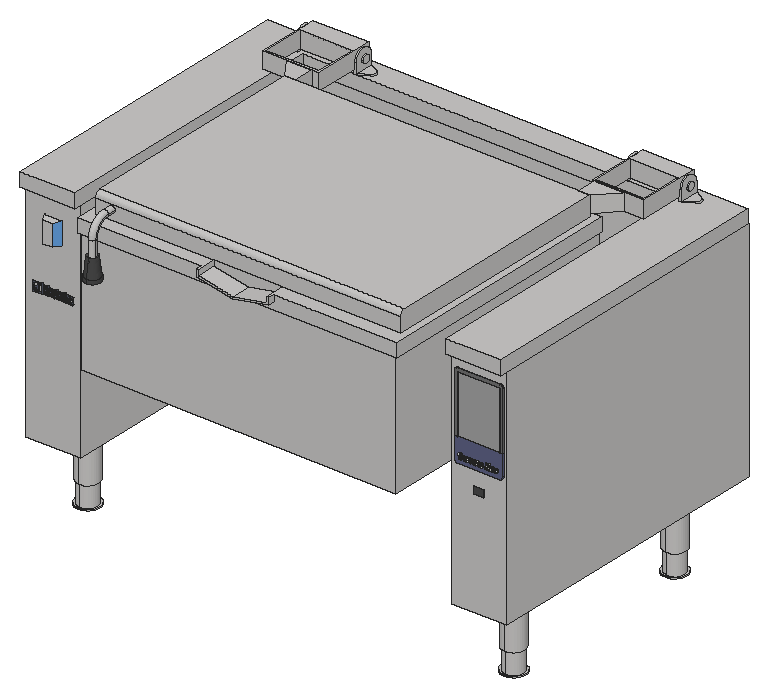
Revit family "QF_ELECTROLUXPROFESSIONAL_587128_PFET08ECIO", category Attrezzature speciali, Revit 2020
Family settings
  Quota connettore circolare = Usa diametro
  Tipo di parte = Normale
  Basato su piano di lavoro = No
  Sempre verticale = Sì
  Taglio con vuoti quando caricato = No
  Condiviso = No
  Punto di calcolo locali = No
Parameters (values of type "Standard")
  Weight = 240.00 kg
  Watts = 20600 W
  Volts = 440 V
  URL Manufacturer = "https://www.electroluxprofessional.com/"
  URL = "https://www.electroluxprofessional.com/"
  Steam Supply Size = 0 mm
  Steam Supply Minimum Pressure = 0.0 Pa
  Steam Supply Maximum Pressure = 0.0 Pa
  Steam Consumption per Hour = 0
  Refrigeration Suction Line Size = 0.0 mm
  Refrigeration Liquid Line Size = 0.0 mm
  Refrigerant Compressor Remote = yes
  Prospetto di default = 0.0 mm
  Produttore = "Electrolux Professional"
  Phase = 3
  Modello = "PFET08ECIO"
  Length Actual = 1400.0 mm  # constant formula
  Item Number = "587128"
  Hot Water Size = 12.7 mm
  Height Actual = 700.0 mm  # constant formula
  HP = "27.6 HP"
  Gas Size = 0 mm
  Gas KW = 0
  Gas Input Pressure = 0 W
  Direct Waste Size = 0 mm
  Descrizione = "ELECTRIC TILTING BRAISING PAN, 80LT,440V,FS,MARINE"
  Depth Actual = 900.0 mm  # constant formula
  Cycle = 50 Hz
  Condensate Return Size = 0 mm
  Compressed Air Volume = 0.0 L/s
  Compressed Air Size = 0 mm
  Compressed Air Pressure = 0.0 Pa
  Cold Water Size = 12.7 mm
  Accessory = yes
Reference planes
  plane 1 "Center (Front/Back)": y = 0
  plane 2: z = 0
  plane 3 "Center (Left/Right)": x = 0
  plane 4 "LEFT": x = -700
  plane 5 "RIGHT": x = 700
  plane 6 "BACK": y = 450
  plane 7 "FRONT": y = -450
  plane 8 "Base": z = 200
  plane 9 "TOP": z = 900
  plane 10: x = -540
  plane 11: x = 540
  plane 12 "Axe_PentolaY": y = -230
  plane 13 "AxePentolaZ": z = 730
  plane 14 "PLANE_TOP": z = 860
  plane 15: y = 380
  plane 16: z = 833
  plane 17: z = 502
  plane 18: z = 340
  plane 19: y = -552
  plane 20 "CentroPentolaY": y = -158
  plane 21 "TopCoperchio": z = 958
  plane 22 "Versamento": z = 910
  plane 23 "V1": through (-107.18, -558, 4000) normal (-0.7071, -0.7071, 0)
  plane 24 "V2": through (107.18, -558, 4000) normal (-0.7071, 0.7071, 0)
  plane 25 "Gfront": y = -1300
  plane 26 "LEVEL": through (-245.562, -289.383, 4000) normal (0.866, 0.5, 0)
  plane 27 "GRight": x = 250
  plane 28 "GLeft": x = -250
  plane 29 "Gback": y = -100
  plane 30: z = 1867
  plane 31 "Ribaltamento": y = -572
  plane 32 "AxeL": x = -620
  plane 33 "AxeR": x = 620
  plane 34 "Pentola_Back": y = 208
  plane 35 "Pentola_L": x = -457.5
  plane 36 "Pentola_R": x = 457.5
  plane 37: x = -397.5
  plane 38 "axeC1": x = -480
  plane 39 "axeC2": x = 480
Forms (mm)
  Revolve 1, solid, material "QF_Finishes_Stainless Steel"
    sketch origin (0, 0, 730) x (-1, 0, 0) y (0, -1, 0)
      loop
        line (540, 230) -> (-540, 230) -> (-540, 140) -> (-530, 140) -> (-530, 173) -> (530, 173) -> (530, 140) -> (540, 140) -> (540, 230)
      axis (540, 230) -> (-540, 230)
    angle from 0 to 360
  Extrusion 2, solid, material "QF_Finishes_Stainless Steel"
    sketch origin (0, 0, 860) x (-1, 0, 0) y (0, -1, 0)
      loop
        line (700, 450) -> (540, 450) -> (540, -380) -> (-540, -380) -> (-540, 450) -> (-700, 450) -> (-700, -450) -> (700, -450) -> (700, 450)
    from 0 to 40
  Extrusion 3, solid, material "QF_Finishes_Stainless Steel"
    sketch origin (0, 0, 860) x (-1, 0, 0) y (0, -1, 0)
      loop
        line (540, -380) -> (-540, -380) -> (-540, -450) -> (540, -450) -> (540, -380)
    from 0 to -360
  Extrusion 4, solid, material "QF_Finishes_Stainless Steel"
    sketch origin (-480, 0, 0) x (0, 1, 0) y (0, 0, 1)
      loop
        line (433.242, 900) -> (433.242, 931.379)
        arc (433.242, 931.379) -> (406.621, 958) -> (380, 931.379) r 26.621
        line (380, 931.379) -> (380, 900) -> (433.242, 900)
    from 88 to 95
  Extrusion 5, solid, material "QF_Finishes_Stainless Steel"
    sketch origin (-380, 0, 900) x (0, 1, 0) y (-1, 0, 0)
      loop
        line (380, 5) -> (395.936, -24.185)
        arc (395.936, -24.185) -> (406.621, -30.525) -> (417.305, -24.185) r 12.174
        line (417.305, -24.185) -> (433.242, 5) -> (380, 5)
      loop
        line (395.936, 211.185) -> (380, 182) -> (433.242, 182) -> (417.305, 211.185)
        arc (417.305, 211.185) -> (406.621, 217.525) -> (395.936, 211.185) r 12.174
    from 0 to 3
  Extrusion 6, solid, material "QF_Finishes_Stainless Steel"
    sketch origin (0, 0, 0) x (0, 1, 0) y (0, 0, 1)
      loop
        line (208, 860) -> (-529, 860) -> (-529, 502) -> (208, 502) -> (208, 860)
    from -457.5 to 457.5
  Extrusion 7, solid, material "QF_Finishes_Stainless Steel"
    sketch origin (0, 0, 0) x (0, 1, 0) y (0, 0, 1)
      loop
        line (214, 860) -> (214, 900) -> (-535, 900) -> (-535, 860) -> (214, 860)
    from -463.5 to 463.5
  Extrusion 8, void
    sketch origin (0, -450, 0) x (-1, 0, 0) y (0, 0, 1)
      loop
        line (100, 900) -> (-100, 900) -> (-100, 884.138) -> (0, 865.09) -> (100, 884.138) -> (100, 900)
    from -85 to -45
  Extrusion 9, solid, material "QF_Finishes_Stainless Steel"
    sketch origin (0, 0, 0) x (0, 1, 0) y (0, 0, 1)
      loop
        line (194, 958) -> (-480, 958)
        arc (-480, 958) -> (-490.607, 953.607) -> (-495, 943) r 15
        line (-495, 943) -> (-495, 900) -> (194, 900) -> (194, 958)
    from -443.5 to 443.5
  Extrusion 10, solid, material "QF_Finishes_Stainless Steel"
    sketch origin (0, -450, 0) x (-1, 0, 0) y (0, 0, 1)
      loop
        line (105, 880) -> (105, 900) -> (100, 900) -> (100, 884.138) -> (0, 865.09) -> (-100, 884.138) -> (-100, 900) -> (-105, 900) -> (-105, 880) -> (0, 860) -> (105, 880)
    from -102 to -79
  Extrusion 11, solid, material "QF_Finishes_Stainless Steel"
    sketch origin (-480, 0, 0) x (0, 1, 0) y (0, 0, 1)
      loop
        line (433.242, 900) -> (433.242, 931.379)
        arc (433.242, 931.379) -> (406.621, 958) -> (380, 931.379) r 26.621
        line (380, 931.379) -> (380, 900) -> (433.242, 900)
    from -82 to -75
  Extrusion 12, solid, material "QF_Finishes_Stainless Steel"
    sketch origin (0, 0, 900) x (0, 1, 0) y (-1, 0, 0)
      loop
        line (433.242, 392) -> (433.242, 555) -> (252, 555) -> (252, 392) -> (433.242, 392)
      loop
        line (257, 550) -> (257, 397) -> (380, 397) -> (380, 550) -> (257, 550)
    from 10 to 58
  Extrusion 13, solid, material "QF_Finishes_Stainless Steel"
    sketch origin (-480, 0, 0) x (0, 1, 0) y (0, 0, 1)
      loop
        circle (406.621, 931.379) r 10
    from 95 to 102.877
  Extrusion 14, solid, material "QF_Finishes_Stainless Steel"
    sketch origin (-480, 0, 0) x (0, 1, 0) y (0, 0, 1)
      loop
        circle (406.621, 931.379) r 10
    from -82 to -89
  Extrusion 15, solid, material "QF_Finishes_Stainless Steel"
    sketch origin (480, 0, 900) x (0, 1, 0) y (-1, 0, 0)
      loop
        arc (395.936, -111.185) -> (406.621, -117.525) -> (417.305, -111.185) r 12.174
        line (417.305, -111.185) -> (433.242, -82) -> (380, -82) -> (395.936, -111.185)
      loop
        line (395.936, 111.185) -> (380, 82) -> (433.242, 82) -> (417.305, 111.185)
        arc (417.305, 111.185) -> (406.621, 117.525) -> (395.936, 111.185) r 12.174
    from 0 to 3
  Extrusion 16, solid, material "QF_Finishes_Stainless Steel"
    sketch origin (480, 0, 0) x (0, 1, 0) y (0, 0, 1)
      loop
        circle (406.621, 931.379) r 10
    from 82 to 89
  Extrusion 17, solid, material "QF_Finishes_Stainless Steel"
    sketch origin (480, 0, 0) x (0, 1, 0) y (0, 0, 1)
      loop
        circle (406.621, 931.379) r 10
    from -82 to -89
  Extrusion 18, solid, material "QF_Finishes_Stainless Steel"
    sketch origin (0, 0, 900) x (0, 1, 0) y (-1, 0, 0)
      loop
        line (433.242, -405) -> (252, -405) -> (252, -555) -> (433.242, -555) -> (433.242, -405)
      loop
        line (257, -550) -> (380, -550) -> (380, -410) -> (257, -410) -> (257, -550)
    from 10 to 58
  Extrusion 19, solid, material "QF_Finishes_Stainless Steel"
    sketch origin (480, 0, 0) x (0, 1, 0) y (0, 0, 1)
      loop
        line (433.242, 900) -> (433.242, 931.379)
        arc (433.242, 931.379) -> (406.621, 958) -> (380, 931.379) r 26.621
        line (380, 931.379) -> (380, 900) -> (433.242, 900)
    from 75 to 82
  Extrusion 20, solid, material "QF_Finishes_Stainless Steel"
    sketch origin (480, 0, 0) x (0, 1, 0) y (0, 0, 1)
      loop
        line (433.242, 900) -> (433.242, 931.379)
        arc (433.242, 931.379) -> (406.621, 958) -> (380, 931.379) r 26.621
        line (380, 931.379) -> (380, 900) -> (433.242, 900)
    from -82 to -75
  Extrusion 21, solid, material "QF_Finishes_Stainless Steel"
    sketch origin (0, 0, 900) x (0, 1, 0) y (-1, 0, 0)
      loop
        line (252, 412.5) -> (252, 484.112) -> (194, 443.5) -> (194, 412.5) -> (252, 412.5)
      loop
        line (252, -412.5) -> (194, -412.5) -> (194, -443.5) -> (252, -497.112) -> (252, -412.5)
    from 10 to 58
  Extrusion 22, solid, material "QF_Door-Drawer Clearances", detail levels coarse
    sketch origin (0, 43.989, -0.088) x (0, 1, 0) y (0, 0, 1)
      loop
        arc (-592.39, 847.898) -> (-615.226, 709.247) -> (-572.989, 575.225) r 302.677
        line (-572.989, 575.225) -> (-572.989, 847.898) -> (-592.39, 847.898)
      loop
        line (376.001, 958) -> (148.958, 1805.334) -> (134.47, 1801.451) -> (130.784, 1815.206)
        arc (130.784, 1815.206) -> (105.783, 1852.623) -> (63.169, 1867.088) r 70
        arc (63.169, 1867.088) -> (-375.163, 1494.534) -> (-538.989, 943.088) r 1010.009
        arc (-538.989, 943.088) -> (-535.155, 953.104) -> (-525.613, 958) r 15
        line (-525.613, 958) -> (376.001, 958)
    from 105 to -105
Cuts and joins
  Extrusion 8 cuts Extrusion 7
  joined: Extrusion 7, Extrusion 10
Lines and regions (mm)
  symbolic lines
    curve 1: line (700, 450, 900) -> (-700, 450, 900)
    curve 2: line (700, -450, 900) -> (700, 450, 900)
    curve 3: line (-700, 450, 900) -> (-700, -450, 900)
    curve 4: line (-700, -450, 900) -> (-540, -450, 900)
    curve 5: line (-540, -450, 900) -> (-540, 252, 900)
    curve 6: line (540, -450, 900) -> (700, -450, 900)
    curve 7: line (530, -140, 900) -> (530, -320, 900)
    curve 8: line (-530, -140, 900) -> (-530, -320, 900)
    curve 9: line (-530, -140, 900) -> (-540, -140, 900)
    curve 10: line (-530, -320, 900) -> (-540, -320, 900)
    curve 11: line (530, -140, 900) -> (540, -140, 900)
    curve 12: line (530, -320, 900) -> (540, -320, 900)
    curve 18: line (562, 380, 900) -> (555, 380, 900)
    curve 19: line (-530, -172.761, 900) -> (-462.169, -172.761, 900)
    curve 20: line (-530, -286.868, 900) -> (-463.5, -286.868, 900)
    curve 21: line (530, -172.761, 900) -> (463.5, -172.761, 900)
    curve 22: line (530, -286.868, 900) -> (463.5, -286.868, 900)
    curve 45: line (-443.5, -495, 900) -> (443.5, -495, 900)
    curve 49: line (-555, 252, 900) -> (-392, 252, 900)
    curve 50: line (-484.112, 252, 900) -> (-443.5, 194, 900)
    curve 51: line (-397.5, 194, 900) -> (-397.5, 214, 900)
    curve 52: line (-392, 252, 900) -> (-392, 433.242, 900)
    curve 53: line (-397, 257, 900) -> (-550, 257, 900)
    curve 54: line (-555, 433.242, 900) -> (-555, 252, 900)
    curve 55: line (-550, 257, 900) -> (-550, 380, 900)
    curve 56: line (-397, 380, 900) -> (-397, 257, 900)
    curve 57: line (-385, 380, 900) -> (-385, 433.242, 900)
    curve 58: line (-385, 433.242, 900) -> (-562, 433.242, 900)
    curve 59: line (-569, 416.621, 900) -> (-569, 396.621, 900)
    curve 60: line (-591.185, 395.936, 900) -> (-562, 380, 900)
    curve 61: arc (-591.185, 417.305, 900) -> (-597.525, 406.621, 900) -> (-591.185, 395.936, 900) r 12.174
    curve 62: line (-562, 433.242, 900) -> (-591.185, 417.305, 900)
    curve 63: line (-562, 433.242, 900) -> (-562, 380, 900)
    curve 64: arc (591.185, 395.936, 900) -> (597.525, 406.621, 900) -> (591.185, 417.305, 900) r 12.174
    curve 65: line (562, 380, 900) -> (591.185, 395.936, 900)
    curve 66: line (591.185, 417.305, 900) -> (562, 433.242, 900)
    curve 67: line (562, 380, 900) -> (562, 433.242, 900)
    curve 68: line (569, 396.621, 900) -> (569, 416.621, 900)
    curve 69: line (555, 252, 900) -> (555, 380, 900)
    curve 70: line (550, 380, 900) -> (550, 257, 900)
    curve 71: line (410, 257, 900) -> (410, 380, 900)
    curve 72: line (405, 433.242, 900) -> (405, 380, 900)
    curve 73: line (550, 257, 900) -> (410, 257, 900)
    curve 74: line (555, 252, 900) -> (405, 252, 900)
    curve 75: line (368.815, 395.936, 900) -> (398, 380, 900)
    curve 76: line (398, 433.242, 900) -> (368.815, 417.305, 900)
    curve 77: arc (368.815, 417.305, 900) -> (362.475, 406.621, 900) -> (368.815, 395.936, 900) r 12.174
    curve 78: line (391, 416.621, 900) -> (391, 396.621, 900)
    curve 79: line (398, 433.242, 900) -> (398, 380, 900)
    curve 80: line (443.5, 194, 900) -> (497.112, 252, 900)
    curve 81: line (-412.5, 194, 900) -> (-412.5, 252, 900)
    curve 82: line (-457.504, 214, 900) -> (-463.5, 214, 900)
    curve 83: line (-569, 416.621, 900) -> (-562, 416.621, 900)
    curve 84: line (-569, 396.621, 900) -> (-562, 396.621, 900)
    curve 85: line (-377.123, 416.621, 900) -> (-385, 416.621, 900)
    curve 86: line (-377.123, 396.621, 900) -> (-385, 396.621, 900)
    curve 87: line (391, 396.621, 900) -> (398, 396.621, 900)
    curve 88: line (391, 416.621, 900) -> (398, 416.621, 900)
    curve 89: line (569, 416.621, 900) -> (562, 416.621, 900)
    curve 90: line (569, 396.621, 900) -> (562, 396.621, 900)
    curve 91: line (398, 433.242, 900) -> (562, 433.242, 900)
    curve 92: line (-550, 380, 900) -> (-397, 380, 900)
    curve 93: line (405, 380, 900) -> (405, 252, 900)
    curve 94: line (405, 380, 900) -> (-392, 380, 900)
    curve 95: line (550, 380, 900) -> (410, 380, 900)
    curve 96: line (555, 380, 900) -> (555, 433.242, 900)
    curve 97: line (540, 252, 900) -> (540, -450, 900)
    curve 98: line (-562, 380, 900) -> (-555, 380, 900)
    curve 99: line (-377.123, 416.621, 900) -> (-377.123, 396.621, 900)
    curve 100: line (-385, 380, 900) -> (-355.815, 395.936, 900)
    curve 101: arc (-355.815, 395.936, 900) -> (-349.475, 406.621, 900) -> (-355.815, 417.305, 900) r 12.174
    curve 102: line (-355.815, 417.305, 900) -> (-385, 433.242, 900)
    curve 103: line (412.5, 194, 900) -> (412.5, 252, 900)
    curve 104: line (412.5, 214, 900) -> (-412.5, 214, 900)
    curve 105: line (-463.5, 214, 900) -> (-463.5, -535, 900)
    curve 106: line (-463.5, -535, 900) -> (-406.5, -535, 900)
    curve 107: line (-388.5, -535, 900) -> (-105, -535, 900)
    curve 108: line (105, -535, 900) -> (463.5, -535, 900)
    curve 109: line (463.5, -535, 900) -> (463.5, 214, 900)
  symbolic lines, style "SpecialityEquipmentHiddenLines"
    curve 13: line (-250, -1300, 900) -> (250, -1300, 900)
    curve 14: line (-250, -100, 900) -> (-250, -1300, 900)
    curve 15: line (250, -100, 900) -> (-250, -100, 900)
    curve 16: line (250, -1300, 900) -> (250, -100, 900)
    curve 39: line (0, -1165.484, 900) -> (0, -1135.484, 900)
    curve 40: line (-15, -1150.484, 900) -> (15, -1150.484, 900)
  symbolic lines, style "SpecialityEquipment"
    curve 17: circle (0, -1150.484, 900) r 15 normal (0, 0, 1)
    curve 23: line (210, -1300, 900) -> (210, -1100, 900)
    curve 24: line (170, -1300, 900) -> (170, -1140, 900)
    curve 25: line (130, -1300, 900) -> (130, -1180, 900)
    curve 26: line (90, -1300, 900) -> (90, -1220, 900)
    curve 27: line (90, -1260, 900) -> (250, -1260, 900)
    curve 28: line (130, -1220, 900) -> (250, -1220, 900)
    curve 29: line (170, -1180, 900) -> (250, -1180, 900)
    curve 30: line (210, -1140, 900) -> (250, -1140, 900)
    curve 31: line (-210, -1300, 900) -> (-210, -1100, 900)
    curve 32: line (-170, -1300, 900) -> (-170, -1140, 900)
    curve 33: line (-130, -1300, 900) -> (-130, -1180, 900)
    curve 34: line (-90, -1300, 900) -> (-90, -1220, 900)
    curve 35: line (-90, -1260, 900) -> (-250, -1260, 900)
    curve 36: line (-130, -1220, 900) -> (-250, -1220, 900)
    curve 37: line (-170, -1180, 900) -> (-250, -1180, 900)
    curve 38: line (-210, -1140, 900) -> (-250, -1140, 900)
    curve 41: line (-443.5, 194, 900) -> (-443.5, -495, 900)
    curve 42: line (443.5, -495, 900) -> (443.5, 194, 900)
    curve 43: line (443.5, 194, 900) -> (-443.5, 194, 900)
    curve 44: line (463.5, 214, 900) -> (461.987, 214, 900)
    curve 46: line (-105, -552, 900) -> (105, -552, 900)
    curve 47: line (105, -552, 900) -> (105, -495, 900)
    curve 48: line (-105, -495, 900) -> (-105, -552, 900)
Dimensions and locks
  plane 4 "LEFT" to plane 5 "RIGHT" = 1400.0 mm
  equal spacing: plane 4 "LEFT", plane 3 "Center (Left/Right)", plane 5 "RIGHT"
  equal spacing: plane 6 "BACK", plane 1 "Center (Front/Back)", plane 7 "FRONT"
  plane 6 "BACK" to plane 7 "FRONT" = 900.0 mm
  plane 8 "Base" to level = 200.0 mm
  plane 9 "TOP" to level = 900.0 mm
  plane 9 "TOP" to plane 8 "Base" = 700.0 mm
  locked: plane 4 "LEFT" to plane 10 at 160
  locked: plane 11 to plane 5 "RIGHT" at 160
  locked: plane 6 "BACK" to plane 12 "Axe_PentolaY" at 680
  locked: plane 13 "AxePentolaZ" to plane 8 "Base" at 530
  locked: Revolve 1 sketch curve to Revolve 1 sketch curve at 57
  locked: Revolve 1 sketch curve to Revolve 1 sketch curve at 90
  locked: plane 10 to Revolve 1 sketch curve at 10
  locked: Revolve 1 sketch curve to plane 11 at 10
  locked: plane 9 "TOP" to plane 14 "PLANE_TOP" at 40
  plane 6 "BACK" to plane 15 = 70.0 mm
  locked: plane 16 to plane 13 "AxePentolaZ" at 103
  locked: plane 13 "AxePentolaZ" to plane 17 at 228
  locked: plane 17 to plane 18 at 162
  plane 6 "BACK" to plane 19 = 1002.0 mm
  locked: plane 6 "BACK" to plane 20 "CentroPentolaY" at 608
  locked: plane 21 "TopCoperchio" to plane 9 "TOP" at 58
  locked: plane 22 "Versamento" to level at 910
  plane 6 "BACK" to plane 25 "Gfront" = 1750.0 mm
  locked: plane 28 "GLeft" to plane 3 "Center (Left/Right)" at 250
  locked: plane 3 "Center (Left/Right)" to plane 27 "GRight" at 250
  plane 6 "BACK" to plane 29 "Gback" = 550.0 mm
  plane 30 to plane 9 "TOP" = 967.0 mm
  plane 6 "BACK" to plane 31 "Ribaltamento" = 1022.0 mm
  equal spacing: plane 10, plane 32 "AxeL", plane 4 "LEFT"
  equal spacing: plane 5 "RIGHT", plane 33 "AxeR", plane 11
  locked: plane 36 "Pentola_R" to plane 35 "Pentola_L" at 915
  equal spacing: plane 36 "Pentola_R", plane 3 "Center (Left/Right)", plane 35 "Pentola_L"
  locked: Extrusion 7 sketch curve to plane 34 "Pentola_Back" at 6
  plane 34 "Pentola_Back" to plane 12 "Axe_PentolaY" = 438.0 mm
  locked: plane 37 to plane 35 "Pentola_L" at 60
  plane 4 "LEFT" to plane 38 "axeC1" = 220.0 mm
  plane 39 "axeC2" to plane 5 "RIGHT" = 220.0 mm
  locked: cut or joined group of Extrusion 7, Extrusion 8, Extrusion 10 to plane 36 "Pentola_R" at 6
  locked: plane 35 "Pentola_L" to cut or joined group of Extrusion 7, Extrusion 8, Extrusion 10 at 6
  locked: Extrusion 9 to plane 35 "Pentola_L" at 14
  locked: plane 36 "Pentola_R" to Extrusion 9 at 14
  aligned and locked: level to plane 2
  aligned and locked: plane 5 "RIGHT" to nested 2
  aligned and locked: plane 4 "LEFT" to nested 1
  aligned and locked: plane 8 "Base" to nested 1
  aligned and locked: plane 6 "BACK" to nested 2
  aligned and locked: plane 10 to Revolve 1 sketch curve
  aligned and locked: plane 11 to Revolve 1 sketch curve
  aligned and locked: plane 4 "LEFT" to Extrusion 2 sketch curve
  aligned and locked: Extrusion 2 sketch curve to plane 10
  aligned and locked: plane 7 "FRONT" to Extrusion 2 sketch curve  (x2)
  aligned and locked: Extrusion 2 sketch curve to plane 5 "RIGHT"
  aligned and locked: plane 11 to Extrusion 2 sketch curve
  aligned and locked: Extrusion 2 sketch curve to plane 6 "BACK"
  aligned and locked: plane 15 to Extrusion 2 sketch curve
  aligned and locked: Extrusion 3 sketch curve to plane 10
  aligned and locked: plane 6 "BACK" to Extrusion 3 sketch curve
  aligned and locked: plane 11 to Extrusion 3 sketch curve
  aligned and locked: Extrusion 3 sketch curve to plane 15
  aligned and locked: curve 13 to plane 25 "Gfront"
  aligned and locked: curve 14 to plane 28 "GLeft"
  aligned and locked: plane 27 "GRight" to curve 16
  aligned and locked: plane 29 "Gback" to curve 15
  aligned and locked: plane 33 "AxeR" to nested 3
  aligned and locked: plane 17 to Extrusion 6 sketch curve
  aligned and locked: plane 9 "TOP" to Extrusion 7 sketch curve
  aligned and locked: Extrusion 6 to plane 35 "Pentola_L"
  aligned and locked: plane 36 "Pentola_R" to Extrusion 6
  aligned and locked: plane 37 to nested 4
  aligned and locked: plane 32 "AxeL" to nested 5
Automatic sketch dimensions
  plane 12 "Axe_PentolaY" to Revolve 1 sketch curve = 0.0 mm
  Revolve 1 sketch curve to plane 12 "Axe_PentolaY" = 0.0 mm
  plane 20 "CentroPentolaY" to Revolve 1 sketch curve = 18.0 mm
  plane 5 "RIGHT" to Revolve 1 sketch curve = 432.098 mm
  Revolve 1 sketch curve to plane 4 "LEFT" = 580.148 mm
  Extrusion 4 sketch curve to plane 9 "TOP" = 0.0 mm
  Extrusion 4 sketch curve to plane 15 = 0.0 mm
  plane 15 to Extrusion 4 sketch curve = 26.621 mm
  plane 22 "Versamento" to Extrusion 4 sketch curve = 21.379 mm
  plane 16 to Extrusion 6 sketch curve = 27.0 mm
  Extrusion 6 sketch curve to plane 34 "Pentola_Back" = 0.0 mm
  Extrusion 6 sketch curve to plane 7 "FRONT" = 79.0 mm
  Extrusion 7 sketch curve to plane 7 "FRONT" = 85.0 mm
  Extrusion 9 sketch curve to plane 9 "TOP" = 0.0 mm
  Extrusion 9 sketch curve to plane 7 "FRONT" = 45.0 mm
  Extrusion 9 sketch curve to Extrusion 9 sketch curve = 15.0 mm
  Extrusion 9 sketch curve to plane 34 "Pentola_Back" = 14.0 mm
  Extrusion 10 sketch curve to plane 9 "TOP" = 0.0 mm  (x2)
  plane 3 "Center (Left/Right)" to Extrusion 10 sketch curve = 100.0 mm
  Extrusion 10 sketch curve to Extrusion 10 sketch curve = 5.0 mm  (x2)
  Extrusion 11 sketch curve to plane 9 "TOP" = 0.0 mm
  Extrusion 11 sketch curve to plane 15 = 0.0 mm
  plane 15 to Extrusion 11 sketch curve = 26.621 mm
  plane 22 "Versamento" to Extrusion 11 sketch curve = 21.379 mm
  Extrusion 12 sketch curve to plane 15 = 0.0 mm
  plane 37 to Extrusion 12 sketch curve = 0.5 mm
  plane 34 "Pentola_Back" to Extrusion 12 sketch curve = 49.0 mm
  Extrusion 12 sketch curve to Extrusion 12 sketch curve = 5.0 mm
  Extrusion 12 sketch curve to plane 6 "BACK" = 16.758 mm
  plane 37 to Extrusion 12 sketch curve = 5.5 mm
  Extrusion 12 sketch curve to plane 10 = 10.0 mm
  Extrusion 12 sketch curve to plane 10 = 15.0 mm
  plane 15 to Extrusion 13 sketch curve = 26.621 mm
  plane 22 "Versamento" to Extrusion 13 sketch curve = 21.379 mm
  plane 15 to Extrusion 14 sketch curve = 26.621 mm
  plane 22 "Versamento" to Extrusion 14 sketch curve = 21.379 mm
  Extrusion 15 sketch curve to plane 15 = 0.0 mm  (x2)
  plane 15 to Extrusion 15 sketch curve = 15.936 mm  (x2)
  Extrusion 15 sketch curve to Extrusion 15 sketch curve = 10.684 mm  (x4)
  plane 27 "GRight" to Extrusion 15 sketch curve = 118.815 mm
  Extrusion 15 sketch curve to plane 6 "BACK" = 16.758 mm  (x2)
  Extrusion 15 sketch curve to Extrusion 15 sketch curve = 5.834 mm  (x2)
  Extrusion 15 sketch curve to Extrusion 15 sketch curve = 29.185 mm
  plane 11 to Extrusion 15 sketch curve = 22.0 mm
  Extrusion 15 sketch curve to plane 33 "AxeR" = 34.649 mm
  plane 15 to Extrusion 16 sketch curve = 26.621 mm
  plane 22 "Versamento" to Extrusion 16 sketch curve = 21.379 mm
  plane 15 to Extrusion 17 sketch curve = 26.621 mm
  plane 22 "Versamento" to Extrusion 17 sketch curve = 21.379 mm
  Extrusion 18 sketch curve to plane 15 = 0.0 mm
  Extrusion 18 sketch curve to plane 34 "Pentola_Back" = 49.0 mm
  Extrusion 18 sketch curve to Extrusion 18 sketch curve = 5.0 mm  (x2)
  plane 6 "BACK" to Extrusion 18 sketch curve = 16.758 mm
  Extrusion 18 sketch curve to plane 27 "GRight" = 155.0 mm
  Extrusion 18 sketch curve to plane 11 = 10.0 mm
  Extrusion 18 sketch curve to plane 11 = 15.0 mm
  Extrusion 19 sketch curve to plane 9 "TOP" = 0.0 mm
  Extrusion 19 sketch curve to plane 15 = 0.0 mm
  Extrusion 19 sketch curve to Extrusion 19 sketch curve = 26.621 mm
  plane 22 "Versamento" to Extrusion 19 sketch curve = 21.379 mm
  Extrusion 20 sketch curve to plane 9 "TOP" = 0.0 mm
  Extrusion 20 sketch curve to plane 15 = 0.0 mm
  Extrusion 20 sketch curve to Extrusion 20 sketch curve = 26.621 mm
  plane 22 "Versamento" to Extrusion 20 sketch curve = 21.379 mm
  Extrusion 9 sketch curve to plane 21 "TopCoperchio" = 0.0 mm
  plane 16 to Extrusion 7 sketch curve = 27.0 mm
  Extrusion 5 sketch curve to plane 15 = 0.0 mm  (x2)
  plane 15 to Extrusion 5 sketch curve = 15.936 mm  (x2)
  Extrusion 5 sketch curve to Extrusion 5 sketch curve = 10.684 mm  (x4)
  Extrusion 5 sketch curve to plane 6 "BACK" = 16.758 mm  (x2)
  plane 37 to Extrusion 5 sketch curve = 41.685 mm
  Extrusion 5 sketch curve to Extrusion 5 sketch curve = 5.834 mm  (x2)
  Extrusion 5 sketch curve to plane 10 = 22.0 mm
  plane 32 "AxeL" to Extrusion 5 sketch curve = 34.649 mm
  plane 37 to Extrusion 5 sketch curve = 12.5 mm
  Extrusion 21 sketch curve to plane 34 "Pentola_Back" = 14.0 mm  (x2)
  Extrusion 21 sketch curve to plane 38 "axeC1" = 4.112 mm
  plane 34 "Pentola_Back" to Extrusion 21 sketch curve = 44.0 mm  (x2)
  plane 35 "Pentola_L" to Extrusion 21 sketch curve = 14.0 mm
  Extrusion 21 sketch curve to plane 37 = 15.0 mm
  Extrusion 21 sketch curve to plane 36 "Pentola_R" = 45.0 mm
  Extrusion 21 sketch curve to plane 36 "Pentola_R" = 14.0 mm
  plane 39 "axeC2" to Extrusion 21 sketch curve = 17.112 mm
  Extrusion 22 sketch curve to plane 30 = 0.0 mm
  plane 19 to Extrusion 22 sketch curve = 3.599 mm
  plane 19 to Extrusion 22 sketch curve = 23.0 mm
  Extrusion 22 sketch curve to plane 7 "FRONT" = 30.0 mm
  plane 13 "AxePentolaZ" to Extrusion 22 sketch curve = 0.64 mm
  Extrusion 22 sketch curve to plane 12 "Axe_PentolaY" = 39.323 mm
  Extrusion 22 sketch curve to plane 34 "Pentola_Back" = 33.227 mm
  Extrusion 22 sketch curve to Extrusion 22 sketch curve = 3.685 mm
  Extrusion 22 sketch curve to Extrusion 22 sketch curve = 14.489 mm
  Extrusion 22 sketch curve to plane 21 "TopCoperchio" = 0.088 mm
  Extrusion 22 sketch curve to plane 6 "BACK" = 30.01 mm
  Extrusion 22 sketch curve to plane 21 "TopCoperchio" = 15.0 mm
  plane 6 "BACK" to Extrusion 22 sketch curve = 65.009 mm
  plane 17 to Extrusion 22 sketch curve = 73.137 mm
  Extrusion 22 sketch curve to plane 30 = 70.0 mm
  Extrusion 22 sketch curve to Extrusion 22 sketch curve = 0.0 mm
  Extrusion 22 sketch curve to Extrusion 22 sketch curve = 1.624 mm
  curve 39 to plane 3 "Center (Left/Right)" = 0.0 mm
  curve 17 to plane 3 "Center (Left/Right)" = 0.0 mm
  curve 48 to plane 19 = 0.0 mm
  curve 2 to plane 5 "RIGHT" = 0.0 mm
  curve 2 to plane 7 "FRONT" = 0.0 mm
  curve 3 to plane 4 "LEFT" = 0.0 mm
  curve 3 to plane 7 "FRONT" = 0.0 mm
  curve 10 to plane 10 = 0.0 mm
  curve 12 to plane 11 = 0.0 mm
  curve 51 to plane 37 = 0.0 mm
  curve 100 to plane 15 = 0.0 mm
  curve 18 to plane 15 = 0.0 mm
  curve 95 to plane 15 = 0.0 mm
  curve 55 to plane 15 = 0.0 mm
  curve 63 to plane 15 = 0.0 mm
  curve 2 to plane 6 "BACK" = 0.0 mm
  plane 25 "Gfront" to curve 17 = 149.516 mm
  curve 106 to plane 35 "Pentola_L" = 6.0 mm
  plane 19 to curve 106 = 17.0 mm
  plane 36 "Pentola_R" to curve 109 = 6.0 mm
  plane 19 to curve 109 = 17.0 mm
  curve 42 to plane 36 "Pentola_R" = 14.0 mm
  curve 108 to curve 42 = 40.0 mm
  plane 10 to curve 10 = 10.0 mm
  curve 10 to plane 12 "Axe_PentolaY" = 90.0 mm
  curve 7 to plane 11 = 10.0 mm
  curve 7 to plane 12 "Axe_PentolaY" = 90.0 mm
  plane 20 "CentroPentolaY" to curve 9 = 18.0 mm
  plane 20 "CentroPentolaY" to curve 11 = 18.0 mm
  curve 43 to plane 34 "Pentola_Back" = 14.0 mm
  plane 34 "Pentola_Back" to curve 82 = 6.0 mm
  plane 34 "Pentola_Back" to curve 109 = 6.0 mm
  plane 11 to curve 74 = 15.0 mm
  plane 34 "Pentola_Back" to curve 74 = 44.0 mm
  curve 54 to plane 10 = 15.0 mm
  plane 34 "Pentola_Back" to curve 54 = 44.0 mm
  curve 49 to curve 53 = 5.0 mm
  curve 103 to curve 73 = 5.0 mm
  plane 15 to curve 75 = 15.936 mm
  plane 15 to curve 65 = 15.936 mm
  plane 15 to curve 60 = 15.936 mm
  plane 15 to curve 100 = 15.936 mm
  plane 15 to curve 68 = 16.621 mm
  plane 15 to curve 99 = 16.621 mm
  plane 15 to curve 84 = 16.621 mm
  plane 15 to curve 78 = 16.621 mm
  curve 77 to curve 77 = 10.684 mm
  curve 60 to curve 61 = 10.684 mm
  curve 64 to curve 64 = 10.684 mm
  curve 101 to curve 101 = 10.684 mm
  curve 61 to curve 83 = 10.0 mm
  curve 101 to curve 85 = 10.0 mm
  curve 64 to curve 89 = 10.0 mm
  curve 77 to curve 78 = 10.0 mm
  curve 61 to curve 62 = 10.684 mm
  curve 101 to curve 102 = 10.684 mm
  curve 77 to curve 76 = 10.684 mm
  curve 64 to curve 66 = 10.684 mm
  curve 89 to curve 91 = 16.621 mm
  curve 83 to curve 62 = 16.621 mm
  curve 65 to plane 33 "AxeR" = 28.815 mm
  curve 64 to curve 64 = 5.834 mm
  curve 64 to curve 68 = 16.351 mm
  curve 68 to curve 66 = 7.0 mm
  curve 18 to curve 95 = 5.0 mm
  curve 71 to plane 36 "Pentola_R" = 47.5 mm
  curve 71 to curve 94 = 5.0 mm
  curve 93 to curve 91 = 7.0 mm
  curve 87 to curve 78 = 7.0 mm
  curve 78 to curve 77 = 16.351 mm
  curve 77 to curve 76 = 5.834 mm
  plane 3 "Center (Left/Right)" to curve 47 = 105.0 mm
  curve 48 to plane 3 "Center (Left/Right)" = 105.0 mm
  plane 37 to curve 100 = 41.685 mm
  curve 102 to curve 101 = 5.834 mm
  curve 101 to curve 99 = 15.475 mm
  plane 37 to curve 57 = 12.5 mm
  plane 37 to curve 49 = 5.5 mm
  plane 37 to curve 56 = 0.5 mm
  plane 35 "Pentola_L" to curve 50 = 14.0 mm
  curve 53 to curve 49 = 5.0 mm
  curve 98 to curve 98 = 7.0 mm
  curve 84 to curve 84 = 7.0 mm
  curve 59 to curve 61 = 16.351 mm
  curve 61 to curve 62 = 5.834 mm
  curve 13 to curve 27 = 40.0 mm
  curve 34 to curve 35 = 40.0 mm
  curve 27 to curve 28 = 40.0 mm
  curve 35 to curve 36 = 40.0 mm
  curve 36 to curve 34 = 0.0 mm
  curve 26 to curve 28 = 0.0 mm
  curve 28 to curve 29 = 40.0 mm
  curve 28 to curve 25 = 40.0 mm
  curve 36 to curve 33 = 40.0 mm
  curve 37 to curve 33 = 0.0 mm
  curve 39 to curve 17 = 15.0 mm
  curve 17 to curve 40 = 0.0 mm
  curve 29 to curve 30 = 40.0 mm
  curve 37 to curve 32 = 40.0 mm
  curve 29 to curve 24 = 40.0 mm
  curve 38 to curve 32 = 0.0 mm
  curve 38 to curve 31 = 40.0 mm
  curve 30 to curve 23 = 40.0 mm
  curve 46 to curve 107 = 17.0 mm
  curve 20 to plane 12 "Axe_PentolaY" = 56.868 mm
  curve 7 to curve 22 = 33.132 mm
  curve 21 to plane 20 "CentroPentolaY" = 14.761 mm
  curve 19 to plane 20 "CentroPentolaY" = 14.761 mm
  plane 34 "Pentola_Back" to curve 51 = 6.0 mm
  curve 96 to curve 18 = 0.0 mm
  plane 39 "axeC2" to curve 80 = 17.112 mm
  curve 42 to curve 104 = 31.0 mm
  curve 72 to curve 93 = 0.0 mm
  curve 75 to curve 79 = 0.0 mm
  curve 23 to plane 27 "GRight" = 40.0 mm
  curve 23 to curve 24 = 40.0 mm
  curve 24 to curve 25 = 40.0 mm
  curve 25 to curve 26 = 40.0 mm
  curve 35 to plane 3 "Center (Left/Right)" = 90.0 mm
  curve 34 to curve 33 = 40.0 mm
  curve 33 to curve 32 = 40.0 mm
  plane 28 "GLeft" to curve 31 = 40.0 mm
  plane 37 to curve 107 = 9.0 mm
  curve 106 to plane 37 = 9.0 mm
  curve 51 to curve 104 = 15.0 mm
  curve 82 to plane 35 "Pentola_L" = 0.004 mm
  curve 19 to plane 35 "Pentola_L" = 4.669 mm
  plane 3 "Center (Left/Right)" to Extrusion 8 sketch curve = 100.0 mm
  plane 14 "PLANE_TOP" to Extrusion 8 sketch curve = 5.09 mm
  Extrusion 8 sketch curve to plane 9 "TOP" = 15.862 mm  (x2)
  Extrusion 8 sketch curve to plane 3 "Center (Left/Right)" = 0.0 mm
  Extrusion 8 sketch curve to plane 9 "TOP" = 0.0 mm
  Extrusion 8 sketch curve to plane 3 "Center (Left/Right)" = 100.0 mm
  Extrusion 10 sketch curve to plane 3 "Center (Left/Right)" = 100.0 mm
  Extrusion 10 sketch curve to plane 9 "TOP" = 15.862 mm  (x2)
  Extrusion 10 sketch curve to Extrusion 10 sketch curve = 4.138 mm  (x2)
  Extrusion 10 sketch curve to plane 3 "Center (Left/Right)" = 0.0 mm  (x2)
  plane 14 "PLANE_TOP" to Extrusion 10 sketch curve = 5.09 mm
  Extrusion 10 sketch curve to Extrusion 10 sketch curve = 5.09 mm
  radius of Extrusion 13 sketch curve = 10.0 mm
  radius of Extrusion 14 sketch curve = 10.0 mm
  radius of Extrusion 16 sketch curve = 10.0 mm
  radius of Extrusion 17 sketch curve = 10.0 mm
Nested families
  nested 1: "QF_ELECTROLUXPROFESSIONAL_PBOTNB900_LEFT" at (-620, 0, 0), type "QF_ELECTROLUXPROFESSIONAL_PBOTNB900_LEFT"
    with Body Finish QF_Finishes_Stainless Steel
  nested 2: "QF_ELECTROLUXPROFESSIONAL_PBOTNB900_RIGHT" at (620, 0, 0), type "QF_ELECTROLUXPROFESSIONAL_PBOTNB900_RIGHT"
    with Body Finish QF_Finishes_Stainless Steel
  nested 3: "QF_ELECTROLUXPROFESSIONAL_2FEET_THL_120xH200" at (620, 0, 0), type "QF_ELECTROLUXPROFESSIONAL_2FEET_THL_120xH200"
  nested 4: "QF_ELECTROLUXPROFESSIONAL_PFET900_LEVEL2" at (-397.5, -495, 927.803), type "QF_ELECTROLUXPROFESSIONAL_PFET900_LEVEL2"
  nested 5: "QF_ELECTROLUXPROFESSIONAL_2FEET_THL_120xH200" at (-620, 0, 0), type "QF_ELECTROLUXPROFESSIONAL_2FEET_THL_120xH200"
Connectors
  piping at (-650, 453, 395), diameter 12.7, driven by "Hot Water Size"
    settings: on nested 1, index 1, connector inside diameter 609.6 mm, connector length 0.0 mm, flow factor 0, pipe flow 0.0 L/s, pressure drop 0.0 Pa, fitting loss kfactor 0, connector angle 0.00°, fixture units 0, engagement length 0.0 mm, angle of deflection 0.00°, flow configuration 1, flow direction 1, fitting loss method 0, system type 19, joint type 0, gender type 0, connector reference index -1, connector utility 0, adjustable connector no, is connector primary yes, connector description "Hot Water Inlet"
  piping at (-590, 453, 395), diameter 12.7, driven by "Cold Water Size"
    settings: on nested 1, index 2, connector inside diameter 609.6 mm, connector length 0.0 mm, flow factor 0, pipe flow 0.0 L/s, pressure drop 0.0 Pa, fitting loss kfactor 0, connector angle 0.00°, fixture units 0, engagement length 0.0 mm, angle of deflection 0.00°, flow configuration 1, flow direction 1, fitting loss method 0, system type 20, joint type 0, gender type 0, connector reference index -1, connector utility 0, adjustable connector no, is connector primary no, connector description "Cold Water Inlet"
  electrical at (620, 450, 450), driven by "Volts"
    settings: on nested 2, index 3, voltage 440 V, apparent load 0 VA, apparent load phase1 0 VA, apparent load phase2 0 VA, apparent load phase3 0 VA, power factor 1, load classification "Other", number of poles 1, system type 30, power factor state 1, is connector primary yes, connector utility no, sub classification motor no, connector description "Electrical Connection"
Definition of nested family "QF_ELECTROLUXPROFESSIONAL_PBOTNB900_LEFT"
  Parameters
    Width = 160.0 mm
    Right = Width / 2  # 80.0 mm
    Default Elevation = 0.0 mm
    Left = -Width / 2  # -80.0 mm
    Htop = 40.0 mm
    Height = 900.0 mm
    HW_CW_z = 195.0 mm
    HW_CW_y = 312.0 mm
    HW_CW_Border = 50.0 mm
    HBase = 200.0 mm
    Depth = 900.0 mm
    BorderFront = 20.0 mm
    Body Finish [instance] = none
  Reference planes
    plane 1 "Center (Front/Back)": y = 0
    plane 2: z = 0
    plane 3 "Center (Left/Right)": x = 0
    plane 4 "LEFT": x = -80
    plane 5 "RIGHT": x = 80
    plane 6 "BACK": y = 450
    plane 7 "FRONT": y = -450
    plane 8 "TRAYSLIDER": y = -811.8
    plane 9 "Base": z = 200
    plane 10 "TOP": z = 900
    plane 11 "BorderFront": y = -430
    plane 12: z = 860
    plane 13 "HW_CW": y = 138
    plane 14: x = -30
    plane 15: x = 30
    plane 16 "STEAM": z = 340
    plane 17 "CHW": z = 395
  Forms (mm)
    Extrusion 1, solid
      sketch origin (0, 0, 0) x (1, 0, 0) y (0, 1, 0)
        loop
          line (-80, 450) -> (-80, -430) -> (80, -430) -> (80, 450) -> (-80, 450)
      from 860 to 200
    Extrusion 2, solid, material <- "Body Finish"
      sketch origin (0, 450, 0) x (-1, 0, 0) y (0, 0, 1)
        loop
          circle (30, 395) r 6.35
        loop
          circle (-30, 395) r 6.35
      from 3 to 0
    Blend 3, solid, material <- "Body Finish"
      base sketch origin (0, -430, -0.233) x (-1, 0, 0) y (0, 0, 1)
        loop
          line (23.5, 800.233) -> (-23.5, 800.233) -> (-23.5, 733.433) -> (23.5, 733.433) -> (23.5, 800.233)
      top sketch origin (0, -430, -0.233) x (-1, 0, 0) y (0, 0, 1)
        loop
          line (13.448, 797.45) -> (-13.448, 797.45) -> (-13.448, 736.216) -> (13.448, 736.216) -> (13.448, 797.45)
      from 0 to -20
    Extrusion 4, solid
      sketch origin (-12.54, -430, 23) x (-1, 0, 0) y (0, 0, 1)
        loop
          line (5.327, 593.058) -> (5.327, 590.846) -> (11.437, 590.846) -> (11.437, 587.616) -> (5.692, 587.616) -> (5.692, 585.398) -> (11.437, 585.398) -> (11.437, 583.444)
          arc (11.437, 583.444) -> (10.839, 582.088) -> (9.435, 581.614) r 1.838
          line (9.435, 581.614) -> (5.163, 581.614) -> (5.163, 579.403) -> (9.986, 579.403)
          arc (9.986, 579.403) -> (12.674, 580.517) -> (13.788, 583.205) r 3.802
          line (13.788, 583.205) -> (13.788, 593.058) -> (5.327, 593.058)
        loop
          line (3.492, 593.058) -> (1.141, 593.058) -> (1.141, 579.403) -> (3.492, 579.403) -> (3.492, 593.058)
        loop
          line (-47.588, 593.058) -> (-49.941, 593.058) -> (-49.941, 579.403) -> (-47.588, 579.403) -> (-47.588, 593.058)
        loop
          arc (-2.749, 583.764) -> (-3.194, 582.272) -> (-4.489, 581.409) r 2.29
          arc (-4.489, 581.409) -> (-6.614, 581.225) -> (-8.443, 582.322) r 3.458
          line (-8.443, 582.322) -> (-9.836, 580.928)
          arc (-9.836, 580.928) -> (-7.685, 579.48) -> (-5.119, 579.102) r 5.86
          arc (-5.119, 579.102) -> (-1.823, 580.467) -> (-0.457, 583.764) r 4.662
          arc (-0.457, 583.764) -> (-1.495, 587.706) -> (-5.131, 589.55) r 4.976
          arc (-5.131, 589.55) -> (-9.259, 588.004) -> (-10.466, 583.764) r 4.89
          line (-10.466, 583.764) -> (-2.749, 583.764)
        loop
          arc (-2.808, 585.417) -> (-3.843, 587.066) -> (-5.727, 587.557) r 2.64
          arc (-5.727, 587.557) -> (-7.36, 586.981) -> (-8.104, 585.417) r 2.256
          line (-8.104, 585.417) -> (-2.808, 585.417)
        loop
          arc (-19.634, 586.402) -> (-17.741, 587.437) -> (-15.609, 587.112) r 3.369
          arc (-15.609, 587.112) -> (-14.276, 585.699) -> (-14.118, 583.764) r 2.933
          arc (-14.118, 583.764) -> (-16.389, 581.316) -> (-19.559, 582.365) r 3.088
          line (-19.559, 582.365) -> (-21.028, 580.896)
          arc (-21.028, 580.896) -> (-14.811, 579.611) -> (-11.775, 585.186) r 5.33
          arc (-11.775, 585.186) -> (-13.576, 588.365) -> (-17.009, 589.62) r 5.293
          arc (-17.009, 589.62) -> (-19.259, 589.219) -> (-21.111, 587.878) r 5.117
          line (-21.111, 587.878) -> (-19.634, 586.402)
        loop
          line (-22.556, 593.058) -> (-24.908, 593.058) -> (-24.908, 589.279) -> (-27.044, 589.279) -> (-27.044, 587.143) -> (-24.908, 587.143) -> (-24.908, 583.764)
          arc (-24.908, 583.764) -> (-25.11, 582.682) -> (-25.866, 581.883) r 1.949
          arc (-25.866, 581.883) -> (-26.455, 581.649) -> (-27.088, 581.601) r 2.118
          line (-27.088, 581.601) -> (-27.088, 579.397)
          arc (-27.088, 579.397) -> (-24.962, 579.678) -> (-23.283, 581.013) r 4.018
          arc (-23.283, 581.013) -> (-22.759, 582.327) -> (-22.556, 583.727) r 6.031
          line (-22.556, 583.727) -> (-22.556, 593.058)
        loop
          line (-31.355, 584.595) -> (-31.355, 579.403) -> (-29.023, 579.403) -> (-29.023, 589.279) -> (-31.355, 589.279) -> (-31.355, 587.855)
          arc (-31.355, 587.855) -> (-32.932, 589.208) -> (-35.001, 589.403) r 3.432
          line (-35.001, 589.403) -> (-35.001, 587.143)
          arc (-35.001, 587.143) -> (-33.417, 587.175) -> (-32.009, 586.452) r 3.231
          arc (-32.009, 586.452) -> (-31.523, 585.579) -> (-31.355, 584.595) r 2.967
        loop
          circle (-40.752, 584.339) r 5.233
        loop
          circle (-40.752, 584.339) r 3.172
        loop
          line (-58.424, 583.516) -> (-58.424, 589.279) -> (-60.794, 589.279) -> (-60.794, 583.417)
          arc (-60.794, 583.417) -> (-59.481, 580.276) -> (-56.268, 579.153) r 4.181
          arc (-56.268, 579.153) -> (-53.09, 580.243) -> (-51.74, 583.32) r 4.181
          line (-51.74, 583.32) -> (-51.74, 589.279) -> (-54.111, 589.279) -> (-54.111, 583.516)
          arc (-54.111, 583.516) -> (-54.692, 581.919) -> (-56.268, 581.283) r 2.088
          arc (-56.268, 581.283) -> (-57.843, 581.919) -> (-58.424, 583.516) r 2.088
        loop
          line (-62.216, 589.279) -> (-64.76, 589.279) -> (-66.89, 586.347) -> (-69.053, 589.279) -> (-71.621, 589.279) -> (-68.238, 584.695) -> (-71.937, 579.4) -> (-69.425, 579.4) -> (-66.898, 582.879) -> (-64.408, 579.4) -> (-61.879, 579.4) -> (-65.631, 584.642) -> (-62.216, 589.279)
        loop
          arc (12.465, 573.743) -> (10.91, 572.325) -> (12.18, 570.647) r 1.561
          line (12.18, 570.647) -> (13.314, 570.647) -> (13.314, 569.021) -> (14.34, 569.021) -> (14.34, 573.743) -> (12.465, 573.743)
        loop
          line (12.224, 571.575) -> (13.314, 571.575) -> (13.314, 572.789) -> (12.224, 572.789)
          arc (12.224, 572.789) -> (11.836, 572.182) -> (12.224, 571.575) r 0.668
        loop
          arc (5.055, 573.743) -> (3.966, 573.299) -> (3.497, 572.221) r 1.559
          arc (3.497, 572.221) -> (3.646, 571.544) -> (4.091, 571.012) r 1.458
          line (4.091, 571.012) -> (3.163, 569.021) -> (4.265, 569.021) -> (4.944, 570.647) -> (5.937, 570.647) -> (5.937, 569.021) -> (6.963, 569.021) -> (6.963, 573.743) -> (5.055, 573.743)
        loop
          line (5.937, 572.789) -> (4.847, 572.789)
          arc (4.847, 572.789) -> (4.459, 572.182) -> (4.847, 571.575) r 0.668
          line (4.847, 571.575) -> (5.937, 571.575) -> (5.937, 572.789)
        loop
          circle (-2.866, 571.382) r 2.453
        loop
          circle (-2.866, 571.382) r 1.557
        loop
          line (-9.35, 573.743) -> (-12.299, 573.743) -> (-12.299, 572.725) -> (-10.352, 572.725) -> (-10.352, 571.729) -> (-12.129, 571.729) -> (-12.129, 570.671) -> (-10.352, 570.671) -> (-10.352, 569.021) -> (-9.35, 569.021) -> (-9.35, 573.743)
        loop
          line (-16.282, 573.743) -> (-19.27, 573.743) -> (-19.27, 572.851) -> (-17.252, 572.851) -> (-17.252, 571.921) -> (-19.139, 571.921) -> (-19.139, 571.029) -> (-17.252, 571.029)
          arc (-17.252, 571.029) -> (-17.355, 570.353) -> (-17.883, 569.916) r 0.961
          line (-17.883, 569.916) -> (-19.316, 569.916) -> (-19.316, 569.024) -> (-17.792, 569.024)
          arc (-17.792, 569.024) -> (-16.717, 569.474) -> (-16.282, 570.555) r 1.51
          line (-16.282, 570.555) -> (-16.282, 573.743)
        loop
          line (-33.381, 573.145) -> (-32.842, 572.436)
          arc (-32.842, 572.436) -> (-32.43, 572.802) -> (-31.895, 572.931) r 1.135
          arc (-31.895, 572.931) -> (-31.448, 572.574) -> (-31.757, 572.093) r 0.427
          arc (-31.757, 572.093) -> (-32.293, 571.892) -> (-32.815, 571.659) r 9.371
          arc (-32.815, 571.659) -> (-33.228, 571.39) -> (-33.551, 571.017) r 1.779
          arc (-33.551, 571.017) -> (-33.7, 570.209) -> (-33.41, 569.439) r 1.535
          arc (-33.41, 569.439) -> (-32.755, 569.091) -> (-32.028, 568.946) r 2.556
          arc (-32.028, 568.946) -> (-31.439, 569.005) -> (-30.895, 569.238) r 1.957
          arc (-30.895, 569.238) -> (-30.416, 569.671) -> (-30.118, 570.245) r 1.815
          line (-30.118, 570.245) -> (-30.944, 570.63)
          arc (-30.944, 570.63) -> (-31.179, 570.219) -> (-31.563, 569.943) r 1.118
          arc (-31.563, 569.943) -> (-32.007, 569.83) -> (-32.453, 569.935) r 0.963
          arc (-32.453, 569.935) -> (-32.693, 570.417) -> (-32.345, 570.828) r 0.489
          arc (-32.345, 570.828) -> (-31.793, 571.095) -> (-31.211, 571.289) r 4.78
          arc (-31.211, 571.289) -> (-30.52, 572.116) -> (-30.631, 573.188) r 1.385
          arc (-30.631, 573.188) -> (-31.232, 573.642) -> (-31.964, 573.821) r 1.872
          arc (-31.964, 573.821) -> (-32.756, 573.658) -> (-33.381, 573.145) r 1.69
        loop
          line (-37.714, 573.743) -> (-38.684, 573.743) -> (-38.684, 569.024) -> (-37.714, 569.024) -> (-37.714, 573.743)
        loop
          circle (-45.226, 571.384) r 1.468
        loop
          circle (-45.226, 571.384) r 2.451
        loop
          line (-51.736, 569.024) -> (-51.736, 573.743) -> (-52.679, 573.743) -> (-54.838, 570.686) -> (-54.838, 573.743) -> (-55.818, 573.743) -> (-55.818, 569.024) -> (-54.875, 569.024) -> (-52.716, 571.991) -> (-52.716, 569.024) -> (-51.736, 569.024)
        loop
          line (-60.71, 569.024) -> (-59.668, 569.024) -> (-61.514, 573.743) -> (-62.424, 573.743) -> (-64.417, 569.024) -> (-63.375, 569.024) -> (-62.915, 570.042) -> (-61.17, 570.042) -> (-60.71, 569.024)
        loop
          line (-62.48, 571.01) -> (-61.558, 571.01) -> (-62.012, 572.047) -> (-62.48, 571.01)
        loop
          line (-69.237, 569.916) -> (-71.051, 569.916) -> (-71.051, 569.024) -> (-68.266, 569.024) -> (-68.266, 573.743) -> (-69.237, 573.743) -> (-69.237, 569.916)
        loop
          line (-26.307, 573.145) -> (-25.768, 572.436)
          arc (-25.768, 572.436) -> (-25.356, 572.802) -> (-24.821, 572.931) r 1.135
          arc (-24.821, 572.931) -> (-24.373, 572.574) -> (-24.683, 572.093) r 0.427
          arc (-24.683, 572.093) -> (-25.218, 571.892) -> (-25.74, 571.659) r 9.371
          arc (-25.74, 571.659) -> (-26.153, 571.39) -> (-26.476, 571.017) r 1.779
          arc (-26.476, 571.017) -> (-26.625, 570.209) -> (-26.336, 569.439) r 1.535
          arc (-26.336, 569.439) -> (-25.681, 569.091) -> (-24.953, 568.946) r 2.556
          arc (-24.953, 568.946) -> (-24.365, 569.005) -> (-23.821, 569.238) r 1.957
          arc (-23.821, 569.238) -> (-23.341, 569.671) -> (-23.044, 570.245) r 1.815
          line (-23.044, 570.245) -> (-23.87, 570.63)
          arc (-23.87, 570.63) -> (-24.105, 570.219) -> (-24.488, 569.943) r 1.118
          arc (-24.488, 569.943) -> (-24.933, 569.83) -> (-25.379, 569.935) r 0.963
          arc (-25.379, 569.935) -> (-25.619, 570.417) -> (-25.27, 570.828) r 0.489
          arc (-25.27, 570.828) -> (-24.718, 571.095) -> (-24.137, 571.289) r 4.78
          arc (-24.137, 571.289) -> (-23.445, 572.116) -> (-23.556, 573.188) r 1.385
          arc (-23.556, 573.188) -> (-24.158, 573.642) -> (-24.889, 573.821) r 1.872
          arc (-24.889, 573.821) -> (-25.681, 573.658) -> (-26.307, 573.145) r 1.69
        loop
          arc (28.462, 593.245) -> (19.282, 580.828) -> (28.462, 568.412) r 12.987
          line (28.462, 568.412) -> (28.462, 593.245)
        loop
          line (29.418, 593.324) -> (29.418, 591.35)
          arc (29.418, 591.35) -> (32.835, 584.89) -> (39.417, 581.715) r 11.707
          line (39.417, 581.715) -> (45.017, 581.715)
          arc (45.017, 581.715) -> (39.886, 591.105) -> (29.418, 593.324) r 12.809
        loop
          line (29.725, 570.21) -> (29.725, 568.093)
          arc (29.725, 568.093) -> (40.061, 570.682) -> (45.028, 580.108) r 13.06
          line (45.028, 580.108) -> (40.92, 580.108)
          arc (40.92, 580.108) -> (33.58, 577.129) -> (29.725, 570.21) r 11.93
        loop
          line (45.971, 594.6) -> (18.333, 594.6) -> (18.333, 567) -> (45.971, 567) -> (45.971, 594.6)
      from -1.6 to 0
    Extrusion 5, solid
      sketch origin (0, 0, 200) x (0, 1, 0) y (-1, 0, 0)
        loop
          circle (138, 30) r 5
        loop
          circle (138, -30) r 5
      from 0 to -3
  Lines and regions (mm)
    symbolic lines
      curve 1: line (80, 450, 0) -> (-80, 450, 0)
      curve 2: line (-80, 450, 0) -> (-80, -430, 0)
  Dimensions and locks
    "Width": plane 4 "LEFT" to plane 5 "RIGHT"
    equal spacing: plane 4 "LEFT", plane 3 "Center (Left/Right)", plane 5 "RIGHT"
    equal spacing: plane 6 "BACK", plane 1 "Center (Front/Back)", plane 7 "FRONT"
    "Depth": plane 6 "BACK" to plane 7 "FRONT"
    "BorderFront": plane 11 "BorderFront" to plane 7 "FRONT"
    "Htop": plane 10 "TOP" to plane 12
    "Height": plane 10 "TOP" to level
    "HBase": plane 9 "Base" to level
    "HW_CW_y": plane 6 "BACK" to plane 13 "HW_CW"
    "HW_CW_Border": plane 4 "LEFT" to plane 14
    "HW_CW_Border": plane 15 to plane 5 "RIGHT"
    locked: plane 16 "STEAM" to plane 9 "Base" at 140
    "HW_CW_z": plane 17 "CHW" to plane 9 "Base"
    aligned and locked: level to plane 2
    aligned and locked: plane 11 "BorderFront" to Extrusion 1 sketch curve
    aligned and locked: plane 12 to Extrusion 1
    aligned and locked: Extrusion 1 to plane 9 "Base"
    aligned and locked: plane 4 "LEFT" to Extrusion 1 sketch curve
    aligned and locked: Extrusion 1 sketch curve to plane 5 "RIGHT"
    aligned and locked: Extrusion 1 sketch curve to plane 6 "BACK"
  Automatic sketch dimensions
    curve 1 to plane 4 "LEFT" = 0.0 mm
    curve 1 to plane 5 "RIGHT" = 0.0 mm
    curve 2 to plane 11 "BorderFront" = 0.0 mm
    curve 2 to plane 6 "BACK" = 0.0 mm
    Extrusion 2 sketch curve to plane 15 = 0.0 mm
    Extrusion 2 sketch curve to plane 14 = 0.0 mm
    Extrusion 2 sketch curve to plane 17 "CHW" = 0.0 mm  (x2)
    Blend 3 sketch curve to plane 15 = 6.5 mm
    plane 14 to Blend 3 sketch curve = 6.5 mm
    Blend 3 sketch curve to plane 12 = 126.8 mm
    Blend 3 sketch curve to plane 12 = 60.0 mm
    plane 3 "Center (Left/Right)" to Blend 3 sketch curve = 13.448 mm
    Blend 3 sketch curve to plane 3 "Center (Left/Right)" = 13.448 mm
    Blend 3 sketch curve to plane 12 = 124.017 mm
    Blend 3 sketch curve to Blend 3 sketch curve = 61.233 mm
    Extrusion 4 sketch curve to Extrusion 4 sketch curve = 0.0 mm  (x37)
    Extrusion 4 sketch curve to plane 5 "RIGHT" = 20.603 mm
    Extrusion 4 sketch curve to Extrusion 4 sketch curve = 0.317 mm
    Extrusion 4 sketch curve to Extrusion 4 sketch curve = 0.886 mm
    Extrusion 4 sketch curve to Extrusion 4 sketch curve = 2.512 mm
    Extrusion 4 sketch curve to Extrusion 4 sketch curve = 1.815 mm
    Extrusion 4 sketch curve to Extrusion 4 sketch curve = 2.567 mm
    Extrusion 4 sketch curve to Extrusion 4 sketch curve = 0.97 mm  (x3)
    Extrusion 4 sketch curve to Extrusion 4 sketch curve = 0.815 mm  (x2)
    Extrusion 4 sketch curve to Extrusion 4 sketch curve = 1.341 mm
    Extrusion 4 sketch curve to Extrusion 4 sketch curve = 1.348 mm
    Extrusion 4 sketch curve to Extrusion 4 sketch curve = 1.259 mm
    Extrusion 4 sketch curve to Extrusion 4 sketch curve = 2.13 mm
    Extrusion 4 sketch curve to Extrusion 4 sketch curve = 3.849 mm
    Extrusion 4 sketch curve to Extrusion 4 sketch curve = 2.49 mm
    Extrusion 4 sketch curve to Extrusion 4 sketch curve = 1.043 mm
    Extrusion 4 sketch curve to Extrusion 4 sketch curve = 0.46 mm  (x2)
    Extrusion 4 sketch curve to Extrusion 4 sketch curve = 0.435 mm  (x3)
    Extrusion 4 sketch curve to Extrusion 4 sketch curve = 0.055 mm  (x2)
    Extrusion 4 sketch curve to Extrusion 4 sketch curve = 2.544 mm
    Extrusion 4 sketch curve to Extrusion 4 sketch curve = 0.468 mm
    Extrusion 4 sketch curve to Extrusion 4 sketch curve = 2.528 mm
    Extrusion 4 sketch curve to Extrusion 4 sketch curve = 0.922 mm
    Extrusion 4 sketch curve to Extrusion 4 sketch curve = 0.91 mm
    Extrusion 4 sketch curve to Extrusion 4 sketch curve = 0.388 mm
    Extrusion 4 sketch curve to Extrusion 4 sketch curve = 1.422 mm
    Extrusion 4 sketch curve to Extrusion 4 sketch curve = 1.042 mm
    Extrusion 4 sketch curve to Extrusion 4 sketch curve = 2.371 mm
    Extrusion 4 sketch curve to Extrusion 4 sketch curve = 1.809 mm  (x2)
    Extrusion 4 sketch curve to Extrusion 4 sketch curve = 0.273 mm  (x2)
    Extrusion 4 sketch curve to Extrusion 4 sketch curve = 0.147 mm
    Extrusion 4 sketch curve to Extrusion 4 sketch curve = 5.696 mm
    Extrusion 4 sketch curve to Extrusion 4 sketch curve = 0.943 mm
    Extrusion 4 sketch curve to Extrusion 4 sketch curve = 0.037 mm  (x2)
    Extrusion 4 sketch curve to Extrusion 4 sketch curve = 2.122 mm
    Extrusion 4 sketch curve to Extrusion 4 sketch curve = 2.372 mm
    Extrusion 4 sketch curve to Extrusion 4 sketch curve = 0.944 mm
    Extrusion 4 sketch curve to Extrusion 4 sketch curve = 1.799 mm
    Extrusion 4 sketch curve to Extrusion 4 sketch curve = 2.353 mm
    plane 15 to Extrusion 4 sketch curve = 2.686 mm
    Extrusion 4 sketch curve to plane 15 = 1.789 mm
    Extrusion 4 sketch curve to plane 15 = 3.856 mm
    Extrusion 4 sketch curve to Extrusion 4 sketch curve = 5.751 mm
    Extrusion 4 sketch curve to Extrusion 4 sketch curve = 0.679 mm
    Extrusion 4 sketch curve to Extrusion 4 sketch curve = 0.728 mm
    Extrusion 4 sketch curve to Extrusion 4 sketch curve = 0.178 mm
    Extrusion 4 sketch curve to Extrusion 4 sketch curve = 4.332 mm
    Extrusion 4 sketch curve to Extrusion 4 sketch curve = 0.539 mm  (x2)
    Extrusion 4 sketch curve to Extrusion 4 sketch curve = 0.634 mm  (x2)
    Extrusion 4 sketch curve to Extrusion 4 sketch curve = 0.036 mm  (x2)
    Extrusion 4 sketch curve to Extrusion 4 sketch curve = 0.114 mm  (x2)
    Extrusion 4 sketch curve to Extrusion 4 sketch curve = 0.807 mm  (x2)
    Extrusion 4 sketch curve to Extrusion 4 sketch curve = 0.007 mm  (x2)
    Extrusion 4 sketch curve to Extrusion 4 sketch curve = 0.156 mm  (x2)
    Extrusion 4 sketch curve to Extrusion 4 sketch curve = 0.005 mm  (x2)
    Extrusion 4 sketch curve to Extrusion 4 sketch curve = 0.083 mm  (x2)
    Extrusion 4 sketch curve to Extrusion 4 sketch curve = 0.13 mm  (x4)
    Extrusion 4 sketch curve to Extrusion 4 sketch curve = 0.009 mm  (x2)
    Extrusion 4 sketch curve to Extrusion 4 sketch curve = 0.159 mm  (x2)
    Extrusion 4 sketch curve to Extrusion 4 sketch curve = 0.075 mm  (x2)
    Extrusion 4 sketch curve to Extrusion 4 sketch curve = 0.025 mm  (x2)
    Extrusion 4 sketch curve to Extrusion 4 sketch curve = 2.918 mm
    Extrusion 4 sketch curve to Extrusion 4 sketch curve = 2.789 mm
    Extrusion 4 sketch curve to Extrusion 4 sketch curve = 0.908 mm  (x2)
    Extrusion 4 sketch curve to Extrusion 4 sketch curve = 0.826 mm  (x2)
    Extrusion 4 sketch curve to Extrusion 4 sketch curve = 0.126 mm  (x3)
    Extrusion 4 sketch curve to Extrusion 4 sketch curve = 2.333 mm
    Extrusion 4 sketch curve to Extrusion 4 sketch curve = 1.257 mm  (x2)
    Extrusion 4 sketch curve to Extrusion 4 sketch curve = 2.771 mm
    Extrusion 4 sketch curve to Extrusion 4 sketch curve = 1.497 mm
    Extrusion 4 sketch curve to Extrusion 4 sketch curve = 1.979 mm
    Extrusion 4 sketch curve to Extrusion 4 sketch curve = 1.653 mm
    Extrusion 4 sketch curve to Extrusion 4 sketch curve = 0.085 mm
    Extrusion 4 sketch curve to Extrusion 4 sketch curve = 0.315 mm
    Extrusion 4 sketch curve to Extrusion 4 sketch curve = 3.811 mm
    Extrusion 4 sketch curve to Extrusion 4 sketch curve = 2.136 mm  (x2)
